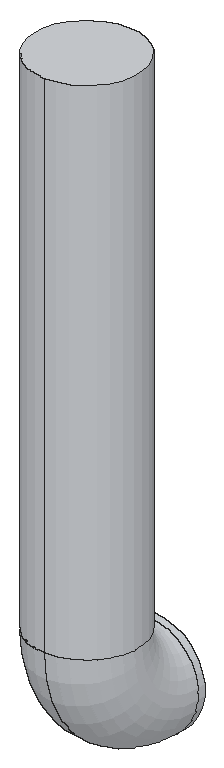
Revit family "Vitra-Built-inBath&ShowerMixerSpoutConnectionPipe(ConcealedPart)-SentoSeries-A42249", category Plumbing Fixtures, host Wall, Revit 2019
Family settings
  Host = Wall
  Round Connector Dimension = Use Diameter
  Part Type = Normal
  OmniClass Number = 23.45.55.17
  OmniClass Title = Mixing Faucets
  Always vertical = Yes
  Cut with Voids When Loaded = No
  Shared = Yes
  Room Calculation Point = No
Parameters (values of type "Built-inBath&ShowerMixerSpoutConnectionPipe(ConcealedPart)-Vitra-SentoSeries-A42249")
  Youtube = "https://www.youtube.com/user/VitrAglobal"
  Width (mm) = 32 mm
  Weight Net (Kg) = "0,348"
  WFU = 0
  Uniformat II Description = "Plumbing Fixture"
  Uniformat II Code = "22 40 00"
  Uniclass 2015 Name = "Washbasin Tap"
  Uniclass 2015 Code = "Pr_40_20_87_98"
  Uniclass 2.0 Description = "Washbasin Tap"
  Uniclass 2.0 Code = "Pr_40_30_96_98"
  Uniclass 1.4 Description = "Mixer taps"
  Uniclass 1.4 Code = "L725111"
  URL = "https://vitraglobal.com/"
  UNSPSC Code = "301815"
  Test Pressure = "16 bar"
  Technical description = "https://vitraglobal.com/faucets-shower-systems-accessories/faucet-complementary/bath-spouts/spout-connection-pipe-sku-a42249exp/print"
  Tap hole Options (default) = ""
  Sustainability Performance = ""
  Specification = ""
  Spares Availability Duration = "7 Years"
  Region South America = "All"
  Region Oceania = "All"
  Region North America = "All"
  Region Middle East = "All"
  Region Europe = "All"
  Region Asia = "All"
  Region Antarctica = "All"
  Region Africa = "All"
  Range of flow pressure = "1 - 5 bar"
  Range of Hot Water Supply = "5 - 65 °C"
  Product group = "Sento Built-in Bath/Shower MixerSpoutConnectionPipe(Concealed Part)"
  Product family = "Sento"
  Product data url = "https://vitraglobal.com/faucets-shower-systems-accessories/faucet-complementary/bath-spouts/spout-connection-pipe-sku-a42249exp"
  Product certification = "https://vitraglobal.com/catalogues/quality-certificates"
  Product Type = "Built-in Bath/Shower Mixer SpoutConnectionPipe(Concealed Part)"
  Product SKU = "A42249"
  Product Properties = "No Calc"
  Product Manual = ""
  Product Information = ""
  Product Guid = ""
  Packaged Weight (kg) = ""
  OmniClass Description = "Mixing Faucets"
  OmniClass Code = "23.45.55.17"
  Number Of Connections = "2"
  Nominal Width = 0 mm
  Nominal Length = 0 mm
  Nominal Height = 0 mm
  NBS Reference Description = "Water supply fittings for wash basins and troughs"
  NBS Reference Code = "45-35-70/315"
  MountingType = "Wall-mounted (Concealed Part)"
  Model = "A42249"
  Min. flow pressure of = "0.5 bar"
  Masterformat 2014 Description = "Plumbing Fixtures"
  Masterformat 2014 Code = "22 40 00"
  Manufacturer name = "Vitra"
  Manufacturer = "Vitra"
  Main Material = Brass
  Installation instructions = ""
  IFC Classification = "Sanitary Terminal"
  Hot Water temperature, factory set to = "38 °C"
  Hot Water Supply (max.) = "90 °C"
  Height (mm) = 174 mm
  HWFU = 0
  HW Connection = no
  GTIP code = ""
  Flow Rate(L/min. - 3 bar) = ""
  Features = ""
  EAN code = ""
  Design country = "Turkey"
  Description = ""
  Depth (mm) = 40 mm
  Default Elevation = 800 mm
  Date of publishing = "2019"
  Cost = 0
  Connection Diameter (mm) = 20 mm
  Color = "Brass"
  Coating Material = Brass.
  Calculated flow = ""
  CWFU = 0
  CW Connection = no
  COBIe Type Category = ""
  BIMobject category = "Taps & Mixers"
  Article No. (default) = "A42249"
  Approvals = ""
  ApplicationType = ""
  Accessories (default) = ""
Reference planes
  plane 1 "Wall": y = 0
  plane 2 "Center (Left/Right)": x = 125
  plane 3 "Back": y = 75
Forms (mm)
  Sweep 1, solid
    path in 3D
      loop
        line (125, 52.923, 1008.063) -> (125, 52.923, 870.034)
        arc (125, 52.923, 870.034) -> (125, 58.772, 855.913) -> (125, 72.893, 850.063) r 19.971
        line (125, 72.893, 850.063) -> (125, 88.926, 850.063)
    profile origin (125, 52.923, 939.049) x (1, 0, 0) y (0, 1, 0)
      loop
        circle (0, 0) r 14
  Extrusion 2, void
    sketch origin (125, 88.926, 850.063) x (1, 0, 0) y (0, 1, 0)
      loop
        line (-17.716, -13.926) -> (27.284, -13.926) -> (27.284, 21.444) -> (-17.716, 21.444) -> (-17.716, -13.926)
    from -20.739 to 250
Cuts and joins
  Extrusion 2 cuts Sweep 1
Lines and regions (mm)
  model lines
    curve 1: line (125, 52.923, 1008.063) -> (125, 52.923, 870.034)
    curve 2: arc (125, 72.893, 850.063) -> (125, 58.772, 855.913) -> (125, 52.923, 870.034) r 19.971
  sketch lines
    curve 3: line (125, 52.923, 1008.063) -> (125, 52.923, 870.034)
    curve 4: arc (125, 72.893, 850.063) -> (125, 58.772, 855.913) -> (125, 52.923, 870.034) r 19.971
    curve 5: line (125, 72.893, 850.063) -> (125, 88.926, 850.063)
Text (mm)
  text "Placement Side" at (-1848.837, 1116.779, 0), in view "Ref. Level"
  text "Placement side" at (0, 1409.804, 2854.306), in view "Left"
  text "Placement side" at (0, 499.811, 2980.732), in view "Right"
Dimensions and locks
  locked: plane 3 "Back" to host wall
  curve 2 to level = 850.063 mm
  aligned and locked: plane 1 "Wall" to host wall
  aligned and locked: cut or joined group of Sweep 1, Extrusion 2 to host wall
Connectors
  piping at (125, 75, 850.063), diameter 20
    settings: on cut or joined group of Sweep 1, Extrusion 2, index 1, connector inside diameter 609.6 mm, connector length 0 mm, flow factor 0, pipe flow 0.0 L/s, pressure drop 0.0 Pa, fitting loss kfactor 0, connector angle 0.00°, fixture units 0, engagement length 0 mm, angle of deflection 0.00°, flow configuration 0, flow direction 2, fitting loss method 0, system type 22, joint type 0, gender type 0, connector reference index -1, connector utility 0, adjustable connector no, is connector primary yes, connector description ""
  piping at (125, 52.923, 1008.063), diameter 20
    settings: on cut or joined group of Sweep 1, Extrusion 2, index 2, connector inside diameter 609.6 mm, connector length 0 mm, flow factor 0, pipe flow 0.0 L/s, pressure drop 0.0 Pa, fitting loss kfactor 0, connector angle 0.00°, fixture units 0, engagement length 0 mm, angle of deflection 0.00°, flow configuration 0, flow direction 1, fitting loss method 0, system type 22, joint type 0, gender type 0, connector reference index -1, connector utility 0, adjustable connector no, is connector primary no, connector description ""
